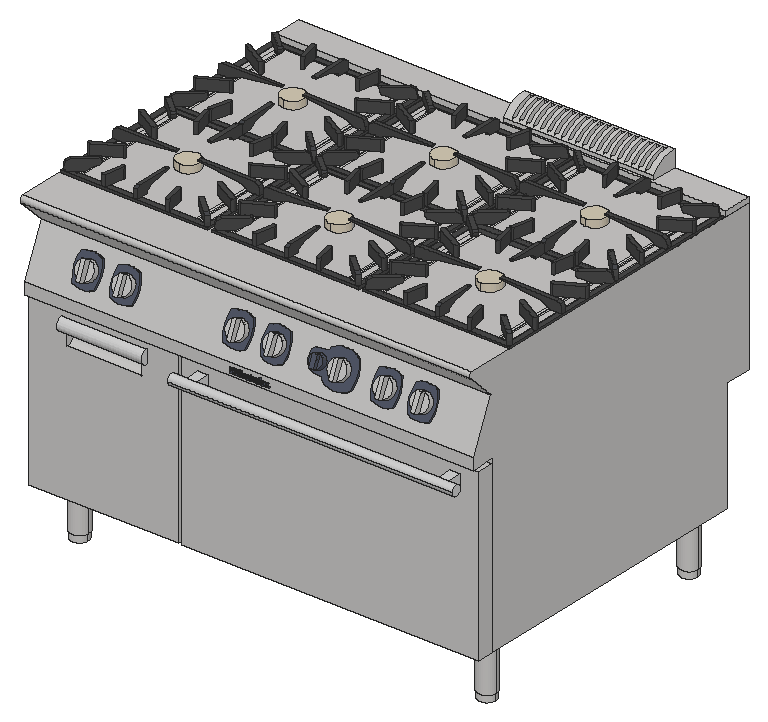
Revit family "QF_ELECTROLUXPROFESSIONAL_391013_E9GCGL6C10", category Specialty Equipment, Revit 2018 (continued)
Automatic sketch dimensions
  Extrusion 36 sketch curve to Extrusion 36 sketch curve = 2.692 mm
  Extrusion 36 sketch curve to Extrusion 36 sketch curve = 1.259 mm
  plane 7 "Center Y" to Extrusion 36 sketch curve = 48.858 mm
  Extrusion 36 sketch curve to Extrusion 36 sketch curve = 0.802 mm
  Extrusion 36 sketch curve to Extrusion 36 sketch curve = 1.024 mm
  Extrusion 36 sketch curve to Extrusion 36 sketch curve = 0.682 mm
  Extrusion 36 sketch curve to Extrusion 36 sketch curve = 5.934 mm
  Extrusion 36 sketch curve to Extrusion 36 sketch curve = 2.186 mm
  Extrusion 36 sketch curve to Extrusion 36 sketch curve = 0.337 mm
  Extrusion 36 sketch curve to Extrusion 36 sketch curve = 0.021 mm
  Extrusion 36 sketch curve to Extrusion 36 sketch curve = 1.005 mm
  Extrusion 36 sketch curve to Extrusion 36 sketch curve = 0.552 mm
  Extrusion 36 sketch curve to Extrusion 36 sketch curve = 0.778 mm
  Extrusion 36 sketch curve to Extrusion 36 sketch curve = 0.063 mm
  Extrusion 36 sketch curve to Extrusion 36 sketch curve = 1.023 mm
  Extrusion 36 sketch curve to Extrusion 36 sketch curve = 3.804 mm
  Extrusion 36 sketch curve to Extrusion 36 sketch curve = 0.486 mm
  Extrusion 36 sketch curve to Extrusion 36 sketch curve = 0.266 mm
  Extrusion 36 sketch curve to plane 7 "Center Y" = 0.787 mm
  Extrusion 36 sketch curve to Extrusion 36 sketch curve = 1.547 mm
  Extrusion 36 sketch curve to Extrusion 36 sketch curve = 0.717 mm  (x2)
  Extrusion 36 sketch curve to Extrusion 36 sketch curve = 1.667 mm
  plane 7 "Center Y" to Extrusion 36 sketch curve = 44.532 mm
  Extrusion 36 sketch curve to Extrusion 36 sketch curve = 3.174 mm
  plane 7 "Center Y" to Extrusion 36 sketch curve = 0.368 mm
  Extrusion 36 sketch curve to Extrusion 36 sketch curve = 0.388 mm
  Extrusion 36 sketch curve to Extrusion 36 sketch curve = 1.342 mm
  plane 7 "Center Y" to Extrusion 36 sketch curve = 50.135 mm
  Extrusion 36 sketch curve to Extrusion 36 sketch curve = 1.521 mm
  plane 7 "Center Y" to Extrusion 36 sketch curve = 51.694 mm
  Extrusion 36 sketch curve to Extrusion 36 sketch curve = 0.124 mm
  Extrusion 36 sketch curve to Extrusion 36 sketch curve = 0.291 mm
  plane 7 "Center Y" to Extrusion 36 sketch curve = 7.285 mm
  Extrusion 36 sketch curve to Extrusion 36 sketch curve = 1.049 mm  (x2)
  plane 7 "Center Y" to Extrusion 36 sketch curve = 47.668 mm
  Extrusion 36 sketch curve to Extrusion 36 sketch curve = 1.7 mm
  Extrusion 36 sketch curve to Extrusion 36 sketch curve = 0.894 mm
  Extrusion 36 sketch curve to Extrusion 36 sketch curve = 0.989 mm
  Extrusion 36 sketch curve to Extrusion 36 sketch curve = 1.168 mm
  Extrusion 36 sketch curve to Extrusion 36 sketch curve = 1.594 mm
  Extrusion 36 sketch curve to Extrusion 36 sketch curve = 0.731 mm
  Extrusion 36 sketch curve to Extrusion 36 sketch curve = 1.566 mm
  Extrusion 36 sketch curve to Extrusion 36 sketch curve = 0.064 mm
  plane 7 "Center Y" to Extrusion 36 sketch curve = 7.842 mm
  Extrusion 36 sketch curve to Extrusion 36 sketch curve = 0.556 mm
  Extrusion 36 sketch curve to Extrusion 36 sketch curve = 0.48 mm
  Extrusion 36 sketch curve to Extrusion 36 sketch curve = 0.228 mm
  Extrusion 36 sketch curve to Extrusion 36 sketch curve = 1.018 mm
  plane 7 "Center Y" to Extrusion 36 sketch curve = 37.429 mm
  Extrusion 36 sketch curve to Extrusion 36 sketch curve = 0.787 mm
  Extrusion 36 sketch curve to Extrusion 36 sketch curve = 0.618 mm
  plane 7 "Center Y" to Extrusion 36 sketch curve = 42.486 mm
  Extrusion 36 sketch curve to Extrusion 36 sketch curve = 1.672 mm
  plane 7 "Center Y" to Extrusion 36 sketch curve = 53.436 mm
  Extrusion 36 sketch curve to Extrusion 36 sketch curve = 1.361 mm
  Extrusion 36 sketch curve to Extrusion 36 sketch curve = 0.822 mm
  Extrusion 36 sketch curve to Extrusion 36 sketch curve = 0.069 mm
  Extrusion 36 sketch curve to Extrusion 36 sketch curve = 1.88 mm
  plane 7 "Center Y" to Extrusion 36 sketch curve = 35.269 mm
  Extrusion 36 sketch curve to Extrusion 36 sketch curve = 0.42 mm
  Extrusion 36 sketch curve to Extrusion 36 sketch curve = 0.062 mm
  Extrusion 36 sketch curve to Extrusion 36 sketch curve = 1.355 mm
  Extrusion 36 sketch curve to Extrusion 36 sketch curve = 2.34 mm
  Extrusion 36 sketch curve to Extrusion 36 sketch curve = 0.493 mm
  Extrusion 36 sketch curve to Extrusion 36 sketch curve = 0.136 mm
  Extrusion 36 sketch curve to Extrusion 36 sketch curve = 0.128 mm
  Extrusion 36 sketch curve to Extrusion 36 sketch curve = 3.616 mm
  Extrusion 36 sketch curve to Extrusion 36 sketch curve = 4.207 mm
  Extrusion 36 sketch curve to Extrusion 36 sketch curve = 0.183 mm
  Extrusion 36 sketch curve to Extrusion 36 sketch curve = 0.895 mm
  Extrusion 36 sketch curve to Extrusion 36 sketch curve = 1.314 mm
  Extrusion 36 sketch curve to Extrusion 36 sketch curve = 3.231 mm
  Extrusion 36 sketch curve to plane 7 "Center Y" = 23.526 mm
  Extrusion 36 sketch curve to Extrusion 36 sketch curve = 1.299 mm
  Extrusion 36 sketch curve to Extrusion 36 sketch curve = 1.214 mm
  plane 7 "Center Y" to Extrusion 36 sketch curve = 26.369 mm
  Extrusion 36 sketch curve to Extrusion 36 sketch curve = 1.264 mm
  Extrusion 36 sketch curve to Extrusion 36 sketch curve = 0.109 mm
  Extrusion 36 sketch curve to Extrusion 36 sketch curve = 0.357 mm
  Extrusion 36 sketch curve to Extrusion 36 sketch curve = 0.565 mm
  Extrusion 36 sketch curve to Extrusion 36 sketch curve = 2.504 mm
  Extrusion 36 sketch curve to Extrusion 36 sketch curve = 2.459 mm
  Extrusion 36 sketch curve to Extrusion 36 sketch curve = 0.983 mm
  Extrusion 36 sketch curve to Extrusion 36 sketch curve = 0.422 mm  (x2)
  Extrusion 36 sketch curve to Extrusion 36 sketch curve = 1.268 mm
  Extrusion 36 sketch curve to Extrusion 36 sketch curve = 0.671 mm
  Extrusion 36 sketch curve to Extrusion 36 sketch curve = 1.634 mm
  Extrusion 36 sketch curve to Extrusion 36 sketch curve = 0.132 mm
  Extrusion 36 sketch curve to Extrusion 36 sketch curve = 0.586 mm
  Extrusion 36 sketch curve to Extrusion 36 sketch curve = 1.241 mm
  Extrusion 36 sketch curve to Extrusion 36 sketch curve = 1.689 mm
  Extrusion 36 sketch curve to Extrusion 36 sketch curve = 0.627 mm
  Extrusion 36 sketch curve to Extrusion 36 sketch curve = 0.419 mm
  Extrusion 36 sketch curve to Extrusion 36 sketch curve = 1.514 mm
  Extrusion 36 sketch curve to Extrusion 36 sketch curve = 1.019 mm
  Extrusion 36 sketch curve to Extrusion 36 sketch curve = 0.065 mm
  Extrusion 36 sketch curve to Extrusion 36 sketch curve = 1.215 mm
  Extrusion 36 sketch curve to Extrusion 36 sketch curve = 1.122 mm
  Extrusion 36 sketch curve to Extrusion 36 sketch curve = 1.153 mm
  Extrusion 36 sketch curve to Extrusion 36 sketch curve = 1.223 mm
  Extrusion 36 sketch curve to Extrusion 36 sketch curve = 0.934 mm
  Extrusion 36 sketch curve to Extrusion 36 sketch curve = 3.376 mm
  Extrusion 36 sketch curve to Extrusion 36 sketch curve = 0.222 mm
  Extrusion 36 sketch curve to Extrusion 36 sketch curve = 1.383 mm
  Extrusion 36 sketch curve to Extrusion 36 sketch curve = 1.556 mm
  Extrusion 36 sketch curve to Extrusion 36 sketch curve = 2.559 mm
  Extrusion 36 sketch curve to Extrusion 36 sketch curve = 2.51 mm
  Extrusion 36 sketch curve to Extrusion 36 sketch curve = 0.131 mm
  Extrusion 36 sketch curve to Extrusion 36 sketch curve = 1.134 mm
  Extrusion 36 sketch curve to Extrusion 36 sketch curve = 0.094 mm
  Extrusion 36 sketch curve to Extrusion 36 sketch curve = 1.584 mm
  Extrusion 36 sketch curve to Extrusion 36 sketch curve = 0.27 mm
  Extrusion 36 sketch curve to Extrusion 36 sketch curve = 0.916 mm
  Extrusion 36 sketch curve to Extrusion 36 sketch curve = 0.352 mm
  Extrusion 36 sketch curve to Extrusion 36 sketch curve = 0.458 mm
  Extrusion 36 sketch curve to Extrusion 36 sketch curve = 1.282 mm
  Extrusion 36 sketch curve to Extrusion 36 sketch curve = 1.363 mm
  Extrusion 36 sketch curve to Extrusion 36 sketch curve = 0.685 mm
  Extrusion 36 sketch curve to Extrusion 36 sketch curve = 0.905 mm
  Extrusion 36 sketch curve to Extrusion 36 sketch curve = 1.477 mm
  Extrusion 36 sketch curve to Extrusion 36 sketch curve = 0.472 mm
  Extrusion 36 sketch curve to Extrusion 36 sketch curve = 0.101 mm
  Extrusion 36 sketch curve to Extrusion 36 sketch curve = 0.54 mm
  Extrusion 36 sketch curve to Extrusion 36 sketch curve = 0.02 mm
  Extrusion 36 sketch curve to Extrusion 36 sketch curve = 0.829 mm
  Extrusion 36 sketch curve to Extrusion 36 sketch curve = 0.582 mm
  Extrusion 36 sketch curve to Extrusion 36 sketch curve = 0.166 mm
  Extrusion 36 sketch curve to Extrusion 36 sketch curve = 0.16 mm
  Extrusion 36 sketch curve to Extrusion 36 sketch curve = 1.118 mm
  Extrusion 36 sketch curve to Extrusion 36 sketch curve = 0.613 mm
  Extrusion 36 sketch curve to Extrusion 36 sketch curve = 0.781 mm
  Extrusion 36 sketch curve to Extrusion 36 sketch curve = 0.361 mm
  Extrusion 36 sketch curve to Extrusion 36 sketch curve = 0.897 mm
  Extrusion 36 sketch curve to Extrusion 36 sketch curve = 0.167 mm
  Extrusion 36 sketch curve to Extrusion 36 sketch curve = 0.292 mm
  Extrusion 36 sketch curve to Extrusion 36 sketch curve = 0.305 mm
  Extrusion 36 sketch curve to Extrusion 36 sketch curve = 1.557 mm
  Extrusion 36 sketch curve to Extrusion 36 sketch curve = 2.499 mm
  Extrusion 36 sketch curve to Extrusion 36 sketch curve = 3.062 mm
  Extrusion 36 sketch curve to Extrusion 36 sketch curve = 2.968 mm
  Extrusion 36 sketch curve to Extrusion 36 sketch curve = 5.044 mm
  Extrusion 36 sketch curve to Extrusion 36 sketch curve = 0.629 mm  (x2)
  Extrusion 36 sketch curve to Extrusion 36 sketch curve = 1.131 mm
  Extrusion 36 sketch curve to Extrusion 36 sketch curve = 0.137 mm
  Extrusion 36 sketch curve to Extrusion 36 sketch curve = 0.027 mm
  Extrusion 36 sketch curve to Extrusion 36 sketch curve = 2.046 mm
  Extrusion 36 sketch curve to Extrusion 36 sketch curve = 2.235 mm
  Revolve 37 sketch curve to plane 9 "Base" = 0 mm  (x2)
  Revolve 37 sketch curve to level = 0 mm
  plane 3 "LEFT" to Revolve 37 sketch curve = 30.6 mm
  Revolve 37 sketch curve to Revolve 37 sketch curve = 2.5 mm
  Revolve 37 sketch curve to Revolve 37 sketch curve = 25.4 mm
  Revolve 37 sketch curve to Revolve 37 sketch curve = 0 mm
  level to Revolve 37 sketch curve = 19.05 mm
  plane 9 "Base" to Revolve 37 sketch curve = 20 mm
  Revolve 38 sketch curve to plane 9 "Base" = 0 mm  (x2)
  Revolve 38 sketch curve to level = 0 mm
  Revolve 38 sketch curve to plane 4 "RIGHT" = 30.6 mm
  Revolve 38 sketch curve to Revolve 38 sketch curve = 2.5 mm
  Revolve 38 sketch curve to Revolve 38 sketch curve = 25.4 mm
  Revolve 38 sketch curve to Revolve 38 sketch curve = 0 mm
  plane 9 "Base" to Revolve 38 sketch curve = 20 mm
  level to Revolve 38 sketch curve = 19.05 mm
  Revolve 39 sketch curve to plane 9 "Base" = 0 mm  (x2)
  Revolve 39 sketch curve to level = 0 mm
  plane 3 "LEFT" to Revolve 39 sketch curve = 30.6 mm
  Revolve 39 sketch curve to Revolve 39 sketch curve = 2.5 mm
  Revolve 39 sketch curve to Revolve 39 sketch curve = 25.4 mm
  Revolve 39 sketch curve to Revolve 39 sketch curve = 0 mm
  level to Revolve 39 sketch curve = 19.05 mm
  plane 9 "Base" to Revolve 39 sketch curve = 20 mm
  Revolve 40 sketch curve to plane 9 "Base" = 0 mm  (x2)
  Revolve 40 sketch curve to level = 0 mm
  Revolve 40 sketch curve to plane 4 "RIGHT" = 30.6 mm
  Revolve 40 sketch curve to Revolve 40 sketch curve = 2.5 mm
  Revolve 40 sketch curve to Revolve 40 sketch curve = 25.4 mm
  Revolve 40 sketch curve to Revolve 40 sketch curve = 0 mm
  plane 9 "Base" to Revolve 40 sketch curve = 20 mm
  level to Revolve 40 sketch curve = 19.05 mm
  Extrusion 41 sketch curve to Extrusion 1 = 43 mm
  Extrusion 41 sketch curve to Extrusion 1 = 276.222 mm
  plane 1 "BACK" to Extrusion 42 sketch curve = 63.911 mm  (x2)
  Extrusion 42 sketch curve to plane 4 "RIGHT" = 212.447 mm
  Extrusion 42 sketch curve to Extrusion 42 sketch curve = 9.296 mm  (x20)
  Extrusion 42 sketch curve to Extrusion 42 sketch curve = 9.397 mm  (x19)
  Extrusion 42 sketch curve to Extrusion 42 sketch curve = 0 mm  (x18)
  plane 1 "BACK" to Extrusion 42 sketch curve = 6.761 mm  (x20)
  curve 107 to plane 3 "LEFT" = 0 mm
  curve 107 to plane 4 "RIGHT" = 0 mm
  plane 7 "Center Y" to curve 106 = 2.4 mm
  curve 106 to plane 13 = 58.15 mm
  curve 106 to plane 4 "RIGHT" = 197.6 mm
  curve 107 to plane 13 = 51.8 mm
  plane 11 to curve 10 = 0 mm
  curve 3 to plane 4 "RIGHT" = 0 mm
  curve 4 to plane 4 "RIGHT" = 0 mm
  plane 11 to curve 13 = 0 mm
  plane 1 "BACK" to curve 98 = 0 mm
  curve 5 to plane 3 "LEFT" = 0 mm
  curve 1 to plane 3 "LEFT" = 0 mm
  plane 11 to curve 8 = 0 mm
  curve 2 to plane 15 = 0 mm
  plane 4 "RIGHT" to curve 9 = 100 mm
  curve 11 to plane 4 "RIGHT" = 19.875 mm
  plane 11 to curve 13 = 8.549 mm
  curve 12 to curve 13 = 30.925 mm
  curve 13 to curve 15 = 25.4 mm
  curve 98 to plane 4 "RIGHT" = 197.6 mm
  curve 98 to curve 67 = 14.847 mm
  curve 66 to curve 68 = 9.296 mm
  curve 68 to curve 70 = 9.397 mm
  curve 70 to curve 73 = 9.296 mm
  curve 72 to curve 74 = 9.397 mm
  curve 74 to curve 75 = 9.296 mm
  curve 75 to curve 79 = 9.397 mm
  curve 78 to curve 79 = 9.296 mm
  curve 79 to curve 83 = 9.397 mm
  curve 82 to curve 84 = 9.296 mm
  curve 83 to curve 87 = 9.397 mm
  curve 86 to curve 88 = 9.296 mm
  curve 88 to curve 90 = 9.397 mm
  curve 90 to curve 92 = 9.296 mm
  curve 92 to curve 97 = 9.397 mm
  curve 94 to curve 97 = 9.296 mm
  curve 96 to curve 25 = 9.397 mm
  curve 22 to curve 23 = 9.296 mm
  curve 23 to curve 27 = 9.397 mm
  curve 26 to curve 28 = 9.296 mm
  curve 28 to curve 33 = 9.397 mm
  curve 30 to curve 31 = 9.296 mm
  curve 31 to curve 35 = 9.397 mm
  curve 34 to curve 36 = 9.296 mm
  curve 35 to curve 38 = 9.397 mm
  curve 38 to curve 39 = 9.296 mm
  curve 40 to curve 42 = 9.397 mm
  curve 42 to curve 44 = 9.296 mm
  curve 43 to curve 46 = 9.397 mm
  curve 46 to curve 48 = 9.296 mm
  curve 47 to curve 50 = 9.397 mm
  curve 50 to curve 51 = 9.296 mm
  curve 52 to curve 54 = 9.397 mm
  curve 54 to curve 57 = 9.296 mm
  curve 55 to curve 59 = 9.397 mm
  curve 58 to curve 61 = 9.296 mm
  curve 59 to curve 62 = 9.397 mm
  curve 62 to curve 64 = 9.296 mm
  curve 64 to curve 21 = 9.397 mm
  curve 18 to curve 20 = 9.296 mm
  plane 7 "Center Y" to curve 99 = 2.4 mm
  plane 11 to curve 104 = 8.549 mm
  curve 104 to plane 7 "Center Y" = 123.8 mm
  curve 101 to curve 100 = 25.4 mm
  plane 11 to curve 102 = 7.049 mm
  curve 16 to curve 102 = 30.925 mm
  curve 4 to curve 8 = 100 mm
  curve 10 to plane 1 "BACK" = 100 mm
  plane 1 "BACK" to curve 84 = 6.761 mm
  plane 1 "BACK" to curve 86 = 6.761 mm
  plane 1 "BACK" to curve 90 = 6.761 mm
  plane 1 "BACK" to curve 81 = 6.761 mm
  plane 1 "BACK" to curve 53 = 6.761 mm
  plane 1 "BACK" to curve 97 = 6.761 mm
  plane 1 "BACK" to curve 77 = 6.761 mm
  plane 1 "BACK" to curve 18 = 6.761 mm
  plane 1 "BACK" to curve 73 = 6.761 mm
  plane 1 "BACK" to curve 22 = 6.761 mm
  plane 1 "BACK" to curve 69 = 6.761 mm
  plane 1 "BACK" to curve 26 = 6.761 mm
  plane 1 "BACK" to curve 65 = 6.761 mm
  plane 1 "BACK" to curve 30 = 6.761 mm
  plane 1 "BACK" to curve 61 = 6.761 mm
  plane 1 "BACK" to curve 34 = 6.761 mm
  plane 1 "BACK" to curve 57 = 6.761 mm
  plane 1 "BACK" to curve 38 = 6.761 mm
  plane 1 "BACK" to curve 49 = 6.761 mm
  plane 1 "BACK" to curve 42 = 6.761 mm
  curve 44 to curve 44 = 57.15 mm
  curve 46 to curve 43 = 0 mm
  curve 42 to curve 40 = 0 mm
  curve 50 to curve 47 = 0 mm
  curve 92 to curve 92 = 57.15 mm
  curve 38 to curve 36 = 0 mm
  curve 54 to curve 51 = 0 mm
  curve 34 to curve 32 = 0 mm
  curve 58 to curve 55 = 0 mm
  curve 30 to curve 28 = 0 mm
  curve 62 to curve 59 = 0 mm
  curve 26 to curve 24 = 0 mm
  curve 66 to curve 66 = 57.15 mm
  curve 20 to curve 63 = 0 mm
  curve 70 to curve 67 = 0 mm
  curve 94 to curve 91 = 0 mm
  curve 74 to curve 71 = 0 mm
  curve 78 to curve 75 = 0 mm
  curve 90 to curve 88 = 0 mm
  curve 82 to curve 79 = 0 mm
  curve 66 to curve 98 = 5.939 mm
  curve 19 to curve 99 = 5.939 mm
  plane 11 to curve 17 = 7.049 mm
  curve 105 to curve 101 = 1.5 mm
  curve 12 to curve 11 = 25.4 mm
  radius of Extrusion 4 sketch curve = 6.4 mm
  radius of Extrusion 9 sketch curve = 12.7 mm
  radius of Extrusion 13 sketch curve = 25.4 mm
  radius of Extrusion 14 sketch curve to Extrusion 13 = 0 mm  (x2)
  radius of Extrusion 16 sketch curve = 25.4 mm
  radius of Extrusion 17 sketch curve to Extrusion 16 = 0 mm  (x2)
  radius of Extrusion 18 sketch curve = 18.37 mm
  radius of Extrusion 21 sketch curve = 25.4 mm
  radius of Extrusion 22 sketch curve to Extrusion 21 = 0 mm  (x2)
  radius of Extrusion 24 sketch curve = 25.4 mm
  radius of Extrusion 25 sketch curve to Extrusion 24 = 0 mm  (x2)
  radius of Extrusion 28 sketch curve = 25.4 mm
  radius of Extrusion 29 sketch curve to Extrusion 28 = 0 mm  (x2)
  radius of Extrusion 31 sketch curve = 25.4 mm
  radius of Extrusion 32 sketch curve to Extrusion 31 = 0 mm  (x2)
  radius of Extrusion 34 sketch curve = 25.4 mm
  radius of Extrusion 35 sketch curve to Extrusion 34 = 0 mm  (x2)
  radius of Extrusion 41 sketch curve = 12.7 mm
Nested families
  nested 1: "371009_BURNER" at (0, -440.6, 0), type "371009_BURNER"
    with Type Mark "", Status "", Specification by User "", Revision Code "", Item Number "", Installed By "", Identify Quantity as Lot yes, Furnished By "", Foodservice Equipment Identifier yes
  nested 2: "371009_BURNER" at (403.15, -440.6, 0), type "371009_BURNER"
    with Type Mark "", Status "", Specification by User "", Revision Code "", Item Number "", Installed By "", Identify Quantity as Lot yes, Furnished By "", Foodservice Equipment Identifier yes
  nested 3: "371009_BURNER" at (1200, -440.6, 0) x (-1, 0, 0) z (0, 0, 1), type "371009_BURNER"
    with Type Mark "", Status "", Specification by User "", Revision Code "", Item Number "", Installed By "", Identify Quantity as Lot yes, Furnished By "", Foodservice Equipment Identifier yes
  nested 4: "371009_BURNER" at (0, -440.6, 0), type "371009_BURNER"
    with Type Mark "", Status "", Specification by User "", Revision Code "", Item Number "", Installed By "", Identify Quantity as Lot yes, Furnished By "", Foodservice Equipment Identifier yes
  nested 5: "371009_BURNER" at (403.15, -440.6, 0), type "371009_BURNER"
    with Type Mark "", Status "", Specification by User "", Revision Code "", Item Number "", Installed By "", Identify Quantity as Lot yes, Furnished By "", Foodservice Equipment Identifier yes
  nested 6: "371009_BURNER" at (1200, -440.6, 0) x (-1, 0, 0) z (0, 0, 1), type "371009_BURNER"
    with Type Mark "", Status "", Specification by User "", Revision Code "", Item Number "", Installed By "", Identify Quantity as Lot yes, Furnished By "", Foodservice Equipment Identifier yes
Connectors
  piping at (1149, -665, 129), diameter 12.8
    settings: on Extrusion 4, index 1, connector inside diameter 0.50394", connector length 0 mm, flow factor 0, pipe flow 0 GPM, pressure drop 0.00 psi, fitting loss kfactor 0, connector angle 0.00°, fixture units 0, engagement length 0 mm, angle of deflection 0.00°, flow configuration 1, flow direction 1, fitting loss method 0, system type 7, joint type 0, gender type 0, connector reference index -1, connector utility 0, adjustable connector no, is connector primary yes, connector description "GAS CONNECTION"
Definition of nested family "371009_BURNER"
  Parameters
    Weight in Pounds = 0
    URL Cutsheet = ""
    URL = "www.electrolux.com"
    Type Mark [instance] = ""
    Status [instance] = ""
    Specification by User [instance] = ""
    Specification by Manufacturer = ""
    Show Clearance [instance] = yes
    Serial Number = ""
    Seismic Rating = ""
    SMACNA No = ""
    Revision Code [instance] = ""
    Omniclass Number and Title = ""
    NAFEM Spec ID Number = ""
    Model = "371009"
    Masterspec = ""
    Manufacturer = "ELECTROLUX"
    Item Number [instance] = ""
    Installed By [instance] = ""
    Identify Quantity as Lot [instance] = yes
    Furnished By [instance] = ""
    Foodservice Equipment Identifier [instance] = yes
    Description = ""
    CSI MasterFormat = ""
    CSI Master Format = ""
  Reference planes
    plane 1 "BACK": y = 0
    plane 2: z = 0
    plane 3 "LEFT": x = 0
    plane 4 "RIGHT": x = 393.7
    plane 5 "FRONT": y = -355.6
    plane 6 "TOP": z = 908.85
    plane 7 "Center Y": x = 196.85
    plane 8 "Center X": y = -177.8
    plane 9 "Base": z = 150
    plane 10: z = 850.85
  Forms (mm)
    Extrusion 1, solid
      sketch origin (-6.433, -404.961, 5) x (1, 0, 0) y (0, 0, -1)
        loop
          arc (7.142, -850.85) -> (6.739, -862.989) -> (9.761, -874.752) r 42.809
          line (9.761, -874.752) -> (19.961, -879.425) -> (173.122, -879.425)
          arc (173.122, -879.425) -> (174.316, -878.312) -> (173.289, -877.043) r 1.197
          line (173.289, -877.043) -> (64.848, -864.021)
          arc (64.848, -864.021) -> (50.111, -858.738) -> (36.589, -850.85) r 85.245
          line (36.589, -850.85) -> (7.142, -850.85)
        loop
          line (399.424, -850.85) -> (369.977, -850.85)
          arc (369.977, -850.85) -> (356.455, -858.738) -> (341.718, -864.021) r 85.245
          line (341.718, -864.021) -> (233.277, -877.043)
          arc (233.277, -877.043) -> (232.25, -878.312) -> (233.444, -879.425) r 1.197
          line (233.444, -879.425) -> (386.605, -879.425) -> (396.806, -874.752)
          arc (396.806, -874.752) -> (399.827, -862.989) -> (399.424, -850.85) r 42.809
      from 224.564 to 234.564
    Extrusion 2, solid
      sketch origin (196.85, 175.397, 1219.2) x (0, 1, 0) y (0, 0, 1)
        loop
          line (-204.463, -363.35) -> (-175.397, -363.35) -> (-175.397, -339.506)
          arc (-175.397, -339.506) -> (-181.025, -338.266) -> (-185.611, -334.775) r 13.39
          line (-185.611, -334.775) -> (-278.903, -334.775)
          arc (-278.903, -334.775) -> (-280.097, -335.888) -> (-279.07, -337.157) r 1.197
          line (-279.07, -337.157) -> (-227.151, -347.464)
          arc (-227.151, -347.464) -> (-213.741, -352.457) -> (-204.463, -363.35) r 28.426
        loop
          arc (-496.332, -363.35) -> (-487.053, -352.457) -> (-473.644, -347.464) r 28.426
          line (-473.644, -347.464) -> (-421.725, -337.157)
          arc (-421.725, -337.157) -> (-420.697, -335.888) -> (-421.891, -334.775) r 1.197
          line (-421.891, -334.775) -> (-515.184, -334.775)
          arc (-515.184, -334.775) -> (-519.769, -338.266) -> (-525.397, -339.506) r 13.39
          line (-525.397, -339.506) -> (-525.397, -363.35) -> (-496.332, -363.35)
      from -5 to 5
    Extrusion 3, solid
      sketch origin (-6.433, 367.064, 850.85) x (0, -1, 0) y (1, 0, 0)
        loop
          line (722.664, 6.433) -> (722.664, 400.133) -> (367.064, 400.133) -> (367.064, 6.433) -> (722.664, 6.433)
        loop
          line (382.064, 21.433) -> (707.664, 21.433) -> (707.664, 385.133) -> (382.064, 385.133) -> (382.064, 21.433)
      from 0 to 5
    Extrusion 4, solid
      sketch origin (-18.933, 367.064, 855.85) x (0, -1, 0) y (1, 0, 0)
        loop
          circle (541.667, 215.783) r 30
      from -1.321 to 17.134
    Extrusion 5, solid
      sketch origin (-6.433, -367.064, 0) x (1, 0, 0) y (0, 0, -1)
        loop
          line (21.433, -855.85) -> (36.589, -855.85)
          arc (36.589, -855.85) -> (40.561, -855.243) -> (44.305, -853.783) r 18.259
          arc (44.305, -853.783) -> (45.997, -853.366) -> (47.69, -853.783) r 3.649
          arc (47.69, -853.783) -> (49.901, -854.522) -> (52.232, -854.529) r 7.328
          line (52.232, -854.529) -> (354.334, -854.529)
          arc (354.334, -854.529) -> (356.666, -854.522) -> (358.877, -853.783) r 7.328
          arc (358.877, -853.783) -> (360.569, -853.366) -> (362.261, -853.783) r 3.649
          arc (362.261, -853.783) -> (366.005, -855.243) -> (369.977, -855.85) r 18.259
          line (369.977, -855.85) -> (385.133, -855.85) -> (385.133, -850.85) -> (21.433, -850.85) -> (21.433, -855.85)
      from 26.464 to 352.064
    Extrusion 6, solid
      sketch origin (83.284, -458.334, 5) x (0.742103, 0.670286, 0) y (0, 0, -1)
        loop
          arc (88.629, -864.012) -> (73.909, -858.731) -> (60.402, -850.85) r 85.245
          line (60.402, -850.85) -> (14.993, -850.85)
          arc (14.993, -850.85) -> (14.642, -862.948) -> (17.686, -874.663) r 42.876
          line (17.686, -874.663) -> (27.899, -879.425) -> (89.664, -879.425)
          arc (89.664, -879.425) -> (92.39, -878.352) -> (93.654, -875.709) r 4
          arc (93.654, -875.709) -> (92.562, -869.25) -> (88.629, -864.012) r 13.87
        loop
          arc (457.638, -864.012) -> (453.704, -869.25) -> (452.613, -875.709) r 13.87
          arc (452.613, -875.709) -> (453.876, -878.352) -> (456.603, -879.425) r 4
          line (456.603, -879.425) -> (518.367, -879.425) -> (528.581, -874.663)
          arc (528.581, -874.663) -> (531.624, -862.948) -> (531.273, -850.85) r 42.876
          line (531.273, -850.85) -> (485.865, -850.85)
          arc (485.865, -850.85) -> (472.357, -858.731) -> (457.638, -864.012) r 85.245
      from 127.064 to 137.064
    Extrusion 7, solid
      sketch origin (310.416, -458.334, 5) x (-0.742103, 0.670286, 0) y (0, 0, 1)
        loop
          arc (88.629, 864.012) -> (92.562, 869.25) -> (93.654, 875.709) r 13.87
          arc (93.654, 875.709) -> (92.39, 878.352) -> (89.664, 879.425) r 4
          line (89.664, 879.425) -> (27.899, 879.425) -> (17.686, 874.663)
          arc (17.686, 874.663) -> (14.642, 862.948) -> (14.993, 850.85) r 42.876
          line (14.993, 850.85) -> (60.402, 850.85)
          arc (60.402, 850.85) -> (73.909, 858.731) -> (88.629, 864.012) r 85.245
        loop
          arc (457.638, 864.012) -> (472.357, 858.731) -> (485.865, 850.85) r 85.245
          line (485.865, 850.85) -> (531.273, 850.85)
          arc (531.273, 850.85) -> (531.624, 862.948) -> (528.581, 874.663) r 42.876
          line (528.581, 874.663) -> (518.367, 879.425) -> (456.603, 879.425)
          arc (456.603, 879.425) -> (453.876, 878.352) -> (452.613, 875.709) r 4
          arc (452.613, 875.709) -> (453.704, 869.25) -> (457.638, 864.012) r 13.87
      from 127.064 to 137.064
    Extrusion 8, solid
      sketch origin (-6.433, 367.064, 855.85) x (0, -1, 0) y (1, 0, 0)
        loop
          arc (626.166, 9.428) -> (632.956, 7.454) -> (634.93, 14.244) r 5
          line (634.93, 14.244) -> (600.514, 76.878)
          arc (600.514, 76.878) -> (593.724, 78.852) -> (591.75, 72.062) r 5
          line (591.75, 72.062) -> (626.166, 9.428)
        loop
          line (463.562, 9.428) -> (497.977, 72.062)
          arc (497.977, 72.062) -> (496.003, 78.852) -> (489.213, 76.878) r 5
          line (489.213, 76.878) -> (454.798, 14.244)
          arc (454.798, 14.244) -> (456.772, 7.454) -> (463.562, 9.428) r 5
        loop
          line (626.166, 397.138) -> (591.75, 334.504)
          arc (591.75, 334.504) -> (593.724, 327.714) -> (600.514, 329.689) r 5
          line (600.514, 329.689) -> (634.93, 392.323)
          arc (634.93, 392.323) -> (632.956, 399.113) -> (626.166, 397.138) r 5
        loop
          arc (463.562, 397.138) -> (456.772, 399.113) -> (454.798, 392.323) r 5
          line (454.798, 392.323) -> (489.213, 329.689)
          arc (489.213, 329.689) -> (496.003, 327.714) -> (497.977, 334.504) r 5
          line (497.977, 334.504) -> (463.562, 397.138)
        loop
          line (715.14, 293.499) -> (666.703, 282.317)
          arc (666.703, 282.317) -> (662.956, 276.32) -> (668.953, 272.573) r 5
          line (668.953, 272.573) -> (717.389, 283.756)
          arc (717.389, 283.756) -> (721.136, 289.752) -> (715.14, 293.499) r 5
        loop
          arc (715.14, 113.067) -> (721.136, 116.814) -> (717.389, 122.811) r 5
          line (717.389, 122.811) -> (668.953, 133.993)
          arc (668.953, 133.993) -> (662.956, 130.246) -> (666.703, 124.249) r 5
          line (666.703, 124.249) -> (715.14, 113.067)
        loop
          arc (374.588, 293.499) -> (368.591, 289.752) -> (372.338, 283.756) r 5
          line (372.338, 283.756) -> (420.775, 272.573)
          arc (420.775, 272.573) -> (426.771, 276.32) -> (423.024, 282.317) r 5
          line (423.024, 282.317) -> (374.588, 293.499)
        loop
          line (374.588, 113.067) -> (423.024, 124.249)
          arc (423.024, 124.249) -> (426.771, 130.246) -> (420.775, 133.993) r 5
          line (420.775, 133.993) -> (372.338, 122.811)
          arc (372.338, 122.811) -> (368.591, 116.814) -> (374.588, 113.067) r 5
      from 0 to 28.575
  Lines and regions (mm)
    symbolic lines
      curve 1: line (0, -355.6, 150) -> (393.7, -355.6, 150)
      curve 2: line (0, 0, 150) -> (0, -355.6, 150)
      curve 3: line (393.7, -355.6, 150) -> (393.7, 0, 150)
      curve 4: line (369.633, -15, 150) -> (285.34, -15, 150)
      curve 5: line (24.067, -340.6, 150) -> (108.36, -340.6, 150)
      curve 6: line (157.475, -170.397, 150) -> (157.475, -15, 150)
      curve 7: line (236.225, -170.397, 150) -> (236.225, -15, 150)
      curve 8: line (201.85, -350, 150) -> (201.85, -176.674, 150)
      curve 9: line (0, -180.397, 150) -> (167.224, -180.397, 150)
      curve 10: line (393.7, -170.397, 150) -> (228.275, -170.397, 150)
      curve 11: line (15, -180.397, 150) -> (15, -252.506, 150)
      curve 12: line (45.799, -340.6, 150) -> (45.799, -320.971, 150)
      curve 13: line (167.224, -170.397, 150) -> (0, -170.397, 150)
      curve 14: line (228.275, -180.504, 150) -> (393.7, -180.504, 150)
      curve 15: arc (228.275, -170.397, 150) -> (223.221, -175.45, 150) -> (228.275, -180.504, 150) r 5.054
      curve 16: arc (167.224, -170.397, 150) -> (172.224, -175.397, 150) -> (167.224, -180.397, 150) r 5
      curve 17: line (191.85, -176.674, 150) -> (191.85, -350, 150)
      curve 18: line (201.85, -134.556, 150) -> (201.85, -0.794, 150)
      curve 19: arc (201.85, -176.674, 150) -> (196.85, -171.674, 150) -> (191.85, -176.674, 150) r 5
      curve 20: arc (201.85, -134.556, 150) -> (196.85, -139.556, 150) -> (191.85, -134.556, 150) r 5
      curve 21: line (191.85, -15, 150) -> (118.623, -15, 150)
      curve 22: arc (201.85, -29.042, 150) -> (213.272, -50.008, 150) -> (201.85, -70.973, 150) r 24.953
      curve 23: arc (213.086, -53.048, 150) -> (214.5, -50.008, 150) -> (213.086, -46.967, 150) r 3.975
      curve 24: arc (191.85, -29.852, 150) -> (181.339, -50.008, 150) -> (191.85, -70.163, 150) r 24.58
      curve 25: arc (181.527, -53.042, 150) -> (179.976, -50.008, 150) -> (181.527, -46.973, 150) r 3.745
      curve 26: line (191.85, -0.794, 150) -> (191.85, -134.556, 150)
      curve 27: line (191.85, -350, 150) -> (201.85, -350, 150)
      curve 28: line (191.85, -11.007, 150) -> (201.85, -11.007, 150)
      curve 29: line (191.85, -0.794, 150) -> (201.85, -0.794, 150)
      curve 30: line (201.85, -340.6, 150) -> (275.077, -340.6, 150)
      curve 31: arc (196.85, -145.397, 0) -> (166.955, -172.888, 0) -> (191.85, -204.977, 0) r 30
      curve 32: arc (201.85, -204.977, 0) -> (226.745, -172.888, 0) -> (196.85, -145.397, 0) r 30
      curve 33: arc (158.678, -180.397, 0) -> (170.734, -200.207, 0) -> (191.85, -209.795, 0) r 39.375
      curve 34: line (163.825, -170.397, 150) -> (163.825, -15, 150)
      curve 35: line (229.875, -170.397, 150) -> (229.875, -15, 150)
      curve 36: line (144.775, -170.397, 150) -> (144.775, -15, 150)
      curve 37: line (248.925, -170.397, 150) -> (248.925, -15, 150)
      curve 38: arc (145.678, -180.397, 0) -> (161.728, -209.187, 0) -> (191.85, -222.573, 0) r 52.075
      curve 39: arc (201.85, -209.795, 0) -> (222.966, -200.207, 0) -> (235.022, -180.397, 0) r 39.375
      curve 40: arc (201.85, -222.573, 0) -> (231.931, -209.224, 0) -> (248.001, -180.504, 0) r 52.075
      curve 41: line (393.7, 0, 0) -> (0, 0, 0)
      curve 42: line (70.445, -122.149, 0) -> (7.81, -87.734, 0)
      curve 43: arc (7.81, -87.734, 0) -> (1.021, -89.708, 0) -> (2.995, -96.498, 0) r 5
      curve 44: line (2.995, -96.498, 0) -> (65.629, -130.914, 0)
      curve 45: arc (65.629, -130.914, 0) -> (72.419, -128.939, 0) -> (70.445, -122.149, 0) r 5
      curve 46: line (65.629, -224.686, 0) -> (2.995, -259.102, 0)
      curve 47: arc (2.995, -259.102, 0) -> (1.021, -265.892, 0) -> (7.81, -267.866, 0) r 5
      curve 48: line (7.81, -267.866, 0) -> (70.445, -233.451, 0)
      curve 49: arc (70.445, -233.451, 0) -> (72.419, -226.661, 0) -> (65.629, -224.686, 0) r 5
      curve 50: line (323.255, -122.149, 0) -> (385.89, -87.734, 0)
      curve 51: arc (385.89, -87.734, 0) -> (392.679, -89.708, 0) -> (390.705, -96.498, 0) r 5
      curve 52: line (390.705, -96.498, 0) -> (328.071, -130.914, 0)
      curve 53: arc (328.071, -130.914, 0) -> (321.281, -128.939, 0) -> (323.255, -122.149, 0) r 5
      curve 54: line (328.071, -224.686, 0) -> (390.705, -259.102, 0)
      curve 55: arc (390.705, -259.102, 0) -> (392.679, -265.892, 0) -> (385.89, -267.866, 0) r 5
      curve 56: line (385.89, -267.866, 0) -> (323.255, -233.451, 0)
      curve 57: arc (323.255, -233.451, 0) -> (321.281, -226.661, 0) -> (328.071, -224.686, 0) r 5
      curve 58: line (118.623, -340.6, 150) -> (191.85, -340.6, 150)
      curve 59: line (285.34, -340.6, 150) -> (369.633, -340.6, 150)
      curve 60: line (378.7, -335.314, 0) -> (378.7, -263.916, 0)
      curve 61: line (1.326, -7.935, 0) -> (58.752, -59.804, 0)
      curve 62: line (65.455, -52.383, 0) -> (8.029, -0.514, 0)
      curve 63: arc (58.752, -59.804, 0) -> (65.814, -59.445, 0) -> (65.455, -52.383, 0) r 5
      curve 64: line (1.326, -7.935, 0) -> (8.029, -0.514, 0)
      curve 65: line (392.374, -7.935, 0) -> (334.948, -59.804, 0)
      curve 66: line (328.245, -52.383, 0) -> (385.671, -0.514, 0)
      curve 67: arc (334.948, -59.804, 0) -> (327.886, -59.445, 0) -> (328.245, -52.383, 0) r 5
      curve 68: line (392.374, -7.935, 0) -> (385.671, -0.514, 0)
      curve 69: line (392.374, -347.665, 0) -> (334.948, -295.796, 0)
      curve 70: line (328.245, -303.217, 0) -> (385.671, -355.086, 0)
      curve 71: arc (334.948, -295.796, 0) -> (327.886, -296.155, 0) -> (328.245, -303.217, 0) r 5
      curve 72: line (392.374, -347.665, 0) -> (385.671, -355.086, 0)
      curve 73: line (1.326, -347.665, 0) -> (58.752, -295.796, 0)
      curve 74: line (65.455, -303.217, 0) -> (8.029, -355.086, 0)
      curve 75: arc (58.752, -295.796, 0) -> (65.814, -296.155, 0) -> (65.455, -303.217, 0) r 5
      curve 76: line (1.326, -347.665, 0) -> (8.029, -355.086, 0)
      curve 77: line (347.901, -15, 0) -> (347.901, -34.629, 0)
      curve 78: line (347.901, -320.971, 0) -> (347.901, -340.6, 0)
      curve 79: line (378.7, -252.506, 0) -> (378.7, -180.397, 0)
      curve 80: line (347.901, -246.993, 0) -> (347.901, -307.496, 0)
      curve 81: line (378.7, -170.397, 0) -> (378.7, -103.094, 0)
      curve 82: line (347.901, -180.397, 0) -> (347.901, -235.582, 0)
      curve 83: line (378.7, -91.684, 0) -> (378.7, -20.286, 0)
      curve 84: line (347.901, -120.018, 0) -> (347.901, -170.397, 0)
      curve 85: line (347.901, -48.104, 0) -> (347.901, -108.607, 0)
      curve 86: line (275.077, -15, 150) -> (201.85, -15, 150)
      curve 87: line (108.36, -15, 150) -> (24.067, -15, 150)
      curve 88: line (45.799, -40, 150) -> (45.799, -15, 150)
      curve 89: line (45.799, -108.607, 150) -> (45.799, -40, 150)
      curve 90: line (15, -20.286, 0) -> (15, -91.684, 0)
      curve 91: line (15, -103.094, 0) -> (15, -170.397, 0)
      curve 92: line (45.799, -170.397, 150) -> (45.799, -120.018, 150)
      curve 93: line (45.799, -235.582, 150) -> (45.799, -180.397, 150)
      curve 94: line (15, -263.916, 150) -> (15, -335.314, 150)
      curve 95: line (45.799, -307.496, 150) -> (45.799, -246.993, 150)
      curve 96: line (116.378, -350.325, 0) -> (127.56, -301.889, 0)
      curve 97: arc (127.56, -301.889, 0) -> (123.813, -295.892, 0) -> (117.816, -299.64, 0) r 5
      curve 98: line (117.816, -299.64, 0) -> (106.634, -348.076, 0)
      curve 99: arc (106.634, -348.076, 0) -> (110.381, -354.072, 0) -> (116.378, -350.325, 0) r 5
      curve 100: line (266.14, -301.889, 0) -> (277.322, -350.325, 0)
      curve 101: arc (277.322, -350.325, 0) -> (283.319, -354.072, 0) -> (287.066, -348.076, 0) r 5
      curve 102: line (287.066, -348.076, 0) -> (275.884, -299.64, 0)
      curve 103: arc (275.884, -299.64, 0) -> (269.887, -295.892, 0) -> (266.14, -301.889, 0) r 5
      curve 104: line (275.884, -55.96, 0) -> (287.066, -7.524, 0)
      curve 105: arc (287.066, -7.524, 0) -> (283.319, -1.528, 0) -> (277.322, -5.275, 0) r 5
      curve 106: line (277.322, -5.275, 0) -> (266.14, -53.711, 0)
      curve 107: arc (266.14, -53.711, 0) -> (269.887, -59.708, 0) -> (275.884, -55.96, 0) r 5
      curve 108: line (127.56, -53.711, 0) -> (116.378, -5.275, 0)
      curve 109: arc (116.378, -5.275, 0) -> (110.381, -1.528, 0) -> (106.634, -7.524, 0) r 5
      curve 110: line (106.634, -7.524, 0) -> (117.816, -55.96, 0)
      curve 111: arc (117.816, -55.96, 0) -> (123.813, -59.708, 0) -> (127.56, -53.711, 0) r 5
  Dimensions and locks
    equal spacing: plane 3 "LEFT", plane 7 "Center Y", plane 4 "RIGHT"
    plane 3 "LEFT" to plane 4 "RIGHT" = 393.7 mm
    equal spacing: plane 5 "FRONT", plane 8 "Center X", plane 1 "BACK"
    plane 5 "FRONT" to plane 1 "BACK" = 355.6 mm
    plane 6 "TOP" to level = 908.85 mm
    plane 9 "Base" to level = 150 mm
    plane 6 "TOP" to plane 10 = 58 mm  (x2)
    locked: Extrusion 4 sketch curve to plane 7 "Center Y" at 0
    aligned and locked: level to plane 2
  Automatic sketch dimensions
    curve 10 to plane 4 "RIGHT" = 0 mm
    curve 20 to plane 7 "Center Y" = 0 mm
    curve 19 to plane 7 "Center Y" = 0 mm
    curve 9 to plane 3 "LEFT" = 0 mm
    plane 1 "BACK" to curve 2 = 0 mm
    plane 1 "BACK" to curve 3 = 0 mm
    plane 5 "FRONT" to curve 2 = 0 mm
    curve 4 to plane 4 "RIGHT" = 24.067 mm
    curve 59 to plane 4 "RIGHT" = 24.067 mm
    plane 1 "BACK" to curve 37 = 15 mm
    plane 7 "Center Y" to curve 37 = 52.075 mm
    curve 37 to curve 7 = 12.7 mm
    curve 7 to curve 35 = 6.35 mm
    plane 8 "Center X" to curve 15 = 2.35 mm
    curve 35 to curve 15 = 1.6 mm
    plane 7 "Center Y" to curve 23 = 16.236 mm
    curve 23 to curve 23 = 0 mm
    curve 23 to curve 23 = 2.56 mm
    curve 23 to curve 24 = 4.607 mm
    plane 7 "Center Y" to curve 86 = 5 mm
    plane 7 "Center Y" to curve 27 = 5 mm
    curve 22 to plane 7 "Center Y" = 8.531 mm
    curve 22 to curve 25 = 4.597 mm
    curve 25 to curve 25 = 2.194 mm  (x2)
    curve 9 to plane 8 "Center X" = 2.597 mm
    curve 17 to curve 9 = 24.626 mm
    curve 21 to curve 34 = 28.025 mm
    curve 34 to curve 6 = 6.35 mm
    plane 8 "Center X" to curve 36 = 7.403 mm
    curve 6 to curve 36 = 12.7 mm
    plane 3 "LEFT" to curve 12 = 45.799 mm
    plane 3 "LEFT" to curve 87 = 24.067 mm
    plane 3 "LEFT" to curve 5 = 24.067 mm
    plane 1 "BACK" to curve 26 = 0.794 mm
    curve 28 to curve 86 = 3.993 mm
    curve 28 to curve 21 = 3.993 mm
    curve 86 to curve 22 = 14.042 mm
    curve 22 to curve 24 = 0.81 mm
    curve 22 to curve 23 = 17.925 mm
    curve 25 to curve 22 = 3.035 mm
    plane 8 "Center X" to curve 26 = 43.244 mm
    curve 15 to curve 15 = 5.054 mm
    plane 8 "Center X" to curve 17 = 1.126 mm
    curve 94 to curve 12 = 5.286 mm
    curve 58 to plane 5 "FRONT" = 15 mm
    curve 59 to plane 5 "FRONT" = 15 mm
    curve 8 to plane 5 "FRONT" = 5.6 mm
    plane 3 "LEFT" to Extrusion 1 sketch curve = 0.709 mm
    plane 3 "LEFT" to Extrusion 1 sketch curve = 3.327 mm
    Extrusion 1 sketch curve to Extrusion 1 sketch curve = 10.201 mm
    plane 10 to Extrusion 1 sketch curve = 5 mm  (x2)
    Extrusion 1 sketch curve to Extrusion 1 sketch curve = 29.447 mm
    Extrusion 1 sketch curve to Extrusion 1 sketch curve = 12.704 mm  (x2)
    Extrusion 1 sketch curve to Extrusion 1 sketch curve = 15.555 mm  (x2)
    plane 3 "LEFT" to Extrusion 1 sketch curve = 79.689 mm
    Extrusion 1 sketch curve to plane 7 "Center Y" = 30.161 mm
    Extrusion 1 sketch curve to Extrusion 1 sketch curve = 0.167 mm  (x2)
    plane 7 "Center Y" to Extrusion 1 sketch curve = 29.994 mm
    Extrusion 1 sketch curve to plane 4 "RIGHT" = 79.689 mm
    plane 10 to Extrusion 1 sketch curve = 18.171 mm
    Extrusion 1 sketch curve to plane 4 "RIGHT" = 58.415 mm
    Extrusion 1 sketch curve to plane 4 "RIGHT" = 13.528 mm
    Extrusion 1 sketch curve to plane 4 "RIGHT" = 3.327 mm
    Extrusion 1 sketch curve to plane 4 "RIGHT" = 0.709 mm
    Extrusion 1 sketch curve to Extrusion 1 sketch curve = 23.902 mm  (x2)
    Extrusion 1 sketch curve to plane 6 "TOP" = 26.807 mm  (x2)
    Extrusion 1 sketch curve to Extrusion 1 sketch curve = 1.185 mm  (x2)
    Extrusion 1 sketch curve to Extrusion 1 sketch curve = 5.694 mm
    Extrusion 2 sketch curve to plane 1 "BACK" = 0 mm
    plane 1 "BACK" to Extrusion 2 sketch curve = 10.213 mm
    plane 10 to Extrusion 2 sketch curve = 5 mm  (x2)
    plane 1 "BACK" to Extrusion 2 sketch curve = 29.066 mm
    plane 10 to Extrusion 2 sketch curve = 20.886 mm
    Extrusion 2 sketch curve to Extrusion 2 sketch curve = 22.688 mm  (x2)
    Extrusion 2 sketch curve to plane 10 = 7.392 mm  (x2)
    Extrusion 2 sketch curve to plane 6 "TOP" = 24.425 mm
    Extrusion 2 sketch curve to Extrusion 2 sketch curve = 51.752 mm
    Extrusion 2 sketch curve to plane 6 "TOP" = 26.807 mm  (x2)
    Extrusion 2 sketch curve to Extrusion 2 sketch curve = 0.167 mm  (x2)
    Extrusion 2 sketch curve to plane 8 "Center X" = 68.528 mm
    Extrusion 2 sketch curve to plane 5 "FRONT" = 60.248 mm
    Extrusion 2 sketch curve to Extrusion 2 sketch curve = 2.895 mm
    Extrusion 2 sketch curve to plane 5 "FRONT" = 15.813 mm
    Extrusion 2 sketch curve to plane 5 "FRONT" = 5.6 mm
    Extrusion 2 sketch curve to Extrusion 2 sketch curve = 4.731 mm
    Extrusion 2 sketch curve to Extrusion 2 sketch curve = 23.844 mm
    Extrusion 2 sketch curve to Extrusion 2 sketch curve = 1.185 mm
    plane 1 "BACK" to Extrusion 3 sketch curve = 0 mm
    Extrusion 3 sketch curve to plane 3 "LEFT" = 0 mm
    plane 5 "FRONT" to Extrusion 3 sketch curve = 0 mm
    Extrusion 3 sketch curve to plane 4 "RIGHT" = 0 mm
    plane 1 "BACK" to Extrusion 3 sketch curve = 15 mm
    Extrusion 3 sketch curve to plane 5 "FRONT" = 15 mm
    plane 3 "LEFT" to Extrusion 3 sketch curve = 15 mm
    Extrusion 3 sketch curve to plane 4 "RIGHT" = 15 mm
    Extrusion 3 to Extrusion 4 sketch curve = 159.603 mm
    Extrusion 5 sketch curve to plane 10 = 0 mm
    plane 3 "LEFT" to Extrusion 5 sketch curve = 15 mm
    Extrusion 5 sketch curve to Extrusion 5 sketch curve = 14.402 mm
    plane 10 to Extrusion 5 sketch curve = 5 mm
    Extrusion 5 sketch curve to Extrusion 5 sketch curve = 15.156 mm
    plane 10 to Extrusion 5 sketch curve = 2.933 mm  (x3)
    Extrusion 5 sketch curve to Extrusion 5 sketch curve = 7.716 mm  (x2)
    Extrusion 5 sketch curve to Extrusion 5 sketch curve = 0 mm  (x3)
    Extrusion 5 sketch curve to Extrusion 5 sketch curve = 1.692 mm  (x2)
    Extrusion 5 sketch curve to Extrusion 5 sketch curve = 3.385 mm  (x2)
    Extrusion 5 sketch curve to plane 10 = 3.559 mm  (x2)
    plane 10 to Extrusion 5 sketch curve = 3.679 mm
    Extrusion 5 sketch curve to plane 4 "RIGHT" = 45.799 mm
    Extrusion 5 sketch curve to Extrusion 5 sketch curve = 1.143 mm
    Extrusion 5 sketch curve to plane 10 = 13.244 mm
    Extrusion 5 sketch curve to plane 4 "RIGHT" = 15 mm
    plane 10 to Extrusion 6 sketch curve = 5 mm  (x2)
    Extrusion 6 sketch curve to Extrusion 6 sketch curve = 2.692 mm  (x2)
    Extrusion 6 sketch curve to Extrusion 6 sketch curve = 10.213 mm  (x2)
    plane 10 to Extrusion 6 sketch curve = 12.281 mm
    Extrusion 6 sketch curve to Extrusion 6 sketch curve = 29.348 mm  (x2)
    Extrusion 6 sketch curve to Extrusion 6 sketch curve = 3.155 mm  (x2)
    Extrusion 6 sketch curve to Extrusion 6 sketch curve = 22.572 mm
    Extrusion 6 sketch curve to Extrusion 6 sketch curve = 8.81 mm
    Extrusion 6 sketch curve to Extrusion 6 sketch curve = 9.845 mm  (x2)
    Extrusion 6 sketch curve to Extrusion 6 sketch curve = 3.99 mm  (x2)
    Extrusion 6 sketch curve to Extrusion 6 sketch curve = 0 mm  (x2)
    Extrusion 6 sketch curve to Extrusion 6 sketch curve = 49.533 mm
    Extrusion 6 sketch curve to plane 10 = 64.377 mm
    Extrusion 6 sketch curve to Extrusion 6 sketch curve = 326.397 mm
    Extrusion 6 sketch curve to plane 6 "TOP" = 28.141 mm
    Extrusion 6 sketch curve to Extrusion 6 sketch curve = 16.281 mm
    Extrusion 6 sketch curve to Extrusion 6 sketch curve = 1.035 mm
    Extrusion 6 sketch curve to Extrusion 6 sketch curve = 19.417 mm
    Extrusion 6 sketch curve to Extrusion 6 sketch curve = 4.763 mm  (x2)
    Extrusion 6 sketch curve to Extrusion 6 sketch curve = 3.716 mm
    plane 10 to Extrusion 7 sketch curve = 5 mm  (x2)
    Extrusion 7 sketch curve to Extrusion 7 sketch curve = 2.692 mm  (x2)
    Extrusion 7 sketch curve to Extrusion 7 sketch curve = 10.213 mm  (x2)
    plane 10 to Extrusion 7 sketch curve = 12.281 mm
    Extrusion 7 sketch curve to Extrusion 7 sketch curve = 29.348 mm  (x2)
    Extrusion 7 sketch curve to Extrusion 7 sketch curve = 3.155 mm  (x2)
    Extrusion 7 sketch curve to Extrusion 7 sketch curve = 22.572 mm
    Extrusion 7 sketch curve to Extrusion 7 sketch curve = 8.81 mm
    Extrusion 7 sketch curve to Extrusion 7 sketch curve = 9.845 mm  (x2)
    Extrusion 7 sketch curve to Extrusion 7 sketch curve = 3.99 mm  (x2)
    Extrusion 7 sketch curve to Extrusion 7 sketch curve = 0 mm  (x2)
    Extrusion 7 sketch curve to Extrusion 7 sketch curve = 21.306 mm
    Extrusion 7 sketch curve to plane 10 = 64.377 mm  (x2)
    Extrusion 7 sketch curve to Extrusion 7 sketch curve = 326.397 mm
    Extrusion 7 sketch curve to plane 6 "TOP" = 28.141 mm
    Extrusion 7 sketch curve to Extrusion 7 sketch curve = 16.281 mm
    Extrusion 7 sketch curve to Extrusion 7 sketch curve = 1.035 mm
    Extrusion 7 sketch curve to Extrusion 7 sketch curve = 19.417 mm
    Extrusion 7 sketch curve to Extrusion 7 sketch curve = 7.281 mm
    Extrusion 7 sketch curve to Extrusion 7 sketch curve = 10.713 mm
    curve 58 to curve 12 = 72.824 mm
    curve 30 to curve 30 = 73.227 mm
    curve 58 to curve 5 = 10.263 mm
    curve 5 to curve 58 = 0 mm
    curve 59 to curve 30 = 10.263 mm
    curve 30 to curve 8 = 9.4 mm
    curve 31 to curve 32 = 0 mm
    curve 33 to curve 38 = 0 mm  (x2)
    curve 33 to curve 39 = 0 mm  (x2)
    curve 33 to curve 40 = 0 mm  (x2)
    plane 1 "BACK" to curve 41 = 0 mm
    curve 41 to plane 3 "LEFT" = 0 mm
    curve 31 to plane 7 "Center Y" = 0 mm
    curve 33 to plane 7 "Center Y" = 0 mm
    curve 41 to plane 4 "RIGHT" = 0 mm
    plane 3 "LEFT" to curve 76 = 1.326 mm
    plane 3 "LEFT" to curve 64 = 1.326 mm
    plane 3 "LEFT" to curve 44 = 2.995 mm
    plane 3 "LEFT" to curve 46 = 2.995 mm
    curve 43 to curve 43 = 2.408 mm
    curve 46 to curve 47 = 2.408 mm
    curve 47 to curve 47 = 2.408 mm
    curve 43 to curve 42 = 2.408 mm
    curve 76 to plane 5 "FRONT" = 0.514 mm
    plane 3 "LEFT" to curve 76 = 8.029 mm
    plane 1 "BACK" to curve 62 = 0.514 mm
    plane 3 "LEFT" to curve 62 = 8.029 mm
    curve 48 to curve 75 = 50.941 mm
    curve 43 to curve 63 = 50.941 mm
    curve 75 to curve 75 = 3.351 mm
    curve 63 to curve 63 = 3.351 mm
    plane 1 "BACK" to curve 62 = 52.383 mm
    curve 63 to curve 62 = 3.351 mm
    curve 74 to plane 5 "FRONT" = 52.383 mm
    curve 75 to curve 74 = 3.351 mm
    plane 3 "LEFT" to curve 46 = 65.629 mm
    plane 3 "LEFT" to curve 44 = 65.629 mm
    curve 45 to curve 45 = 2.408 mm
    curve 46 to curve 49 = 2.408 mm
    curve 49 to curve 48 = 2.408 mm
    curve 45 to curve 42 = 2.408 mm
    curve 38 to plane 8 "Center X" = 2.597 mm
    curve 38 to plane 7 "Center Y" = 51.172 mm
    curve 33 to plane 8 "Center X" = 2.597 mm
    curve 38 to curve 33 = 12.999 mm
    curve 33 to plane 7 "Center Y" = 5 mm
    curve 38 to plane 7 "Center Y" = 5 mm
    curve 31 to curve 33 = 0 mm
    plane 7 "Center Y" to curve 32 = 5 mm
    plane 7 "Center Y" to curve 40 = 5 mm
    curve 39 to curve 32 = 0 mm
    curve 39 to plane 8 "Center X" = 2.597 mm
    plane 7 "Center Y" to curve 39 = 38.172 mm
    curve 40 to plane 8 "Center X" = 2.704 mm
    curve 39 to curve 40 = 12.979 mm
    curve 50 to plane 4 "RIGHT" = 70.445 mm
    curve 57 to plane 4 "RIGHT" = 70.445 mm
    curve 50 to curve 53 = 2.408 mm
    curve 57 to curve 57 = 2.408 mm  (x2)
    curve 53 to curve 53 = 2.408 mm
    curve 71 to curve 71 = 3.351 mm
    curve 67 to curve 67 = 3.351 mm
    curve 71 to curve 69 = 3.351 mm
    curve 67 to curve 65 = 3.351 mm
    curve 60 to plane 4 "RIGHT" = 15 mm
    curve 72 to plane 5 "FRONT" = 0.514 mm
    curve 72 to plane 4 "RIGHT" = 8.029 mm
    plane 1 "BACK" to curve 68 = 0.514 mm
    curve 68 to plane 4 "RIGHT" = 8.029 mm
    curve 50 to plane 4 "RIGHT" = 7.81 mm
    curve 55 to plane 4 "RIGHT" = 7.81 mm
    curve 55 to curve 55 = 2.408 mm
    curve 50 to curve 51 = 2.408 mm
    curve 55 to plane 4 "RIGHT" = 2.995 mm
    curve 51 to plane 4 "RIGHT" = 2.995 mm
    curve 69 to plane 4 "RIGHT" = 1.326 mm
    curve 65 to plane 4 "RIGHT" = 1.326 mm
    curve 72 to plane 5 "FRONT" = 7.935 mm
    curve 60 to plane 5 "FRONT" = 20.286 mm
    curve 71 to curve 56 = 27.93 mm
    curve 73 to curve 48 = 27.93 mm
    curve 47 to curve 47 = 4.382 mm
    curve 55 to curve 55 = 4.382 mm
    curve 56 to plane 8 "Center X" = 55.651 mm
    curve 48 to plane 8 "Center X" = 55.651 mm
    curve 57 to curve 57 = 4.382 mm
    curve 49 to curve 49 = 4.382 mm
    curve 40 to plane 8 "Center X" = 44.773 mm
    curve 39 to curve 32 = 4.818 mm
    plane 8 "Center X" to curve 31 = 2.403 mm
    plane 8 "Center X" to curve 45 = 46.886 mm
    plane 8 "Center X" to curve 52 = 46.886 mm
    curve 53 to curve 53 = 4.382 mm
    curve 45 to curve 45 = 4.382 mm
    curve 53 to curve 52 = 34.416 mm
    curve 44 to curve 61 = 36.694 mm
    curve 43 to curve 43 = 4.382 mm
    curve 51 to curve 51 = 4.382 mm
    curve 51 to curve 65 = 27.93 mm
    plane 1 "BACK" to curve 83 = 20.286 mm
    plane 1 "BACK" to curve 88 = 15 mm
    plane 1 "BACK" to curve 77 = 15 mm
    curve 77 to curve 83 = 30.799 mm
    curve 78 to plane 5 "FRONT" = 15 mm
    curve 80 to curve 71 = 7.989 mm
    curve 78 to curve 60 = 30.799 mm
    curve 78 to curve 80 = 13.475 mm
    curve 55 to curve 79 = 10.979 mm
    curve 82 to curve 57 = 6.514 mm
    curve 80 to curve 78 = 0 mm
    curve 80 to curve 82 = 11.41 mm
    curve 77 to curve 66 = 37.77 mm
    curve 60 to curve 79 = 11.41 mm
    plane 8 "Center X" to curve 81 = 7.403 mm
    plane 8 "Center X" to curve 84 = 7.403 mm
    curve 82 to plane 8 "Center X" = 2.597 mm
    curve 82 to curve 84 = 0 mm
    curve 79 to plane 8 "Center X" = 2.597 mm
    curve 79 to curve 81 = 0 mm
    curve 81 to curve 51 = 10.979 mm
    curve 53 to curve 85 = 17.924 mm
    curve 84 to curve 81 = 30.799 mm
    curve 84 to curve 85 = 11.41 mm
    curve 52 to curve 84 = 19.83 mm
    curve 81 to curve 83 = 11.41 mm
    curve 67 to curve 85 = 7.989 mm
    curve 85 to curve 77 = 0 mm
    curve 85 to curve 77 = 13.475 mm
    curve 86 to curve 37 = 26.152 mm
    curve 4 to curve 86 = 10.263 mm
    curve 86 to curve 4 = 0 mm
    curve 36 to curve 21 = 26.152 mm
    curve 88 to curve 88 = 25 mm
    plane 8 "Center X" to curve 89 = 69.193 mm
    curve 43 to curve 90 = 9.597 mm
    curve 43 to curve 90 = 0.432 mm
    plane 1 "BACK" to curve 90 = 20.286 mm
    curve 93 to plane 8 "Center X" = 2.597 mm
    plane 8 "Center X" to curve 91 = 7.403 mm
    curve 95 to plane 8 "Center X" = 69.193 mm
    curve 93 to curve 94 = 28.333 mm
    curve 95 to curve 12 = 33.104 mm
    curve 21 to curve 87 = 10.263 mm
    curve 87 to curve 21 = 0 mm
    curve 91 to curve 90 = 11.41 mm
    curve 89 to curve 87 = 21.732 mm
    curve 89 to curve 92 = 11.41 mm
    curve 92 to curve 89 = 0 mm
    plane 8 "Center X" to curve 92 = 7.403 mm
    curve 91 to curve 90 = 0 mm
    curve 93 to curve 95 = 0 mm
    curve 93 to curve 95 = 11.41 mm
    curve 11 to curve 94 = 0 mm
    curve 11 to curve 94 = 11.41 mm
    curve 95 to curve 11 = 30.799 mm
    curve 95 to curve 12 = 13.475 mm
    plane 3 "LEFT" to curve 95 = 45.799 mm
    curve 95 to curve 5 = 33.104 mm
    Extrusion 8 sketch curve to Extrusion 3 = 5.275 mm  (x2)
    Extrusion 8 sketch curve to Extrusion 8 sketch curve = 1.125 mm  (x16)
    Extrusion 3 to Extrusion 8 sketch curve = 38.711 mm  (x2)
    Extrusion 8 sketch curve to Extrusion 3 = 7.19 mm  (x3)
    Extrusion 3 to Extrusion 8 sketch curve = 72.734 mm  (x2)
    Extrusion 8 sketch curve to Extrusion 8 sketch curve = 4.382 mm  (x16)
    Extrusion 8 sketch curve to Extrusion 3 = 2.995 mm  (x4)
    Extrusion 8 sketch curve to Extrusion 8 sketch curve = 34.416 mm  (x4)
    Extrusion 3 to Extrusion 8 sketch curve = 50.629 mm  (x3)
    Extrusion 8 sketch curve to Extrusion 8 sketch curve = 93.773 mm  (x2)
    Extrusion 3 to Extrusion 8 sketch curve = 40.96 mm  (x2)
    Extrusion 8 sketch curve to Extrusion 3 = 7.476 mm  (x2)
    Extrusion 8 sketch curve to Extrusion 8 sketch curve = 2.408 mm  (x4)
    Extrusion 3 to Extrusion 8 sketch curve = 91.634 mm  (x2)
    Extrusion 8 sketch curve to Extrusion 8 sketch curve = 4.872 mm  (x8)
    Extrusion 8 sketch curve to Extrusion 8 sketch curve = 11.182 mm  (x4)
    Extrusion 3 to Extrusion 8 sketch curve = 112.56 mm
    Extrusion 8 sketch curve to Extrusion 8 sketch curve = 61.931 mm
    Extrusion 3 to Extrusion 8 sketch curve = 55.445 mm
    Extrusion 8 sketch curve to Extrusion 8 sketch curve = 4.816 mm
    curve 67 to curve 85 = 19.656 mm
    curve 71 to curve 80 = 19.656 mm
    curve 99 to plane 5 "FRONT" = 7.524 mm
    curve 74 to curve 99 = 41.179 mm
    curve 98 to curve 99 = 4.872 mm
    curve 96 to plane 5 "FRONT" = 5.275 mm
    curve 99 to curve 96 = 4.872 mm
    curve 99 to curve 98 = 11.182 mm
    curve 98 to curve 97 = 4.872 mm
    curve 96 to plane 5 "FRONT" = 53.711 mm
    curve 97 to curve 96 = 4.872 mm
    curve 97 to curve 97 = 1.125 mm
    curve 103 to curve 70 = 62.105 mm
    curve 103 to curve 103 = 4.872 mm  (x2)
    curve 100 to plane 5 "FRONT" = 5.275 mm
    curve 100 to curve 100 = 11.182 mm
    curve 101 to curve 101 = 4.872 mm
    curve 102 to plane 5 "FRONT" = 7.524 mm
    curve 101 to curve 102 = 4.872 mm
    curve 100 to curve 100 = 48.436 mm
    curve 103 to curve 103 = 1.125 mm
    curve 106 to curve 67 = 62.105 mm
    curve 107 to curve 107 = 4.872 mm
    plane 1 "BACK" to curve 104 = 55.96 mm
    curve 107 to curve 104 = 4.872 mm
    plane 1 "BACK" to curve 105 = 5.275 mm
    curve 107 to curve 105 = 11.182 mm
    curve 105 to curve 105 = 4.872 mm  (x2)
